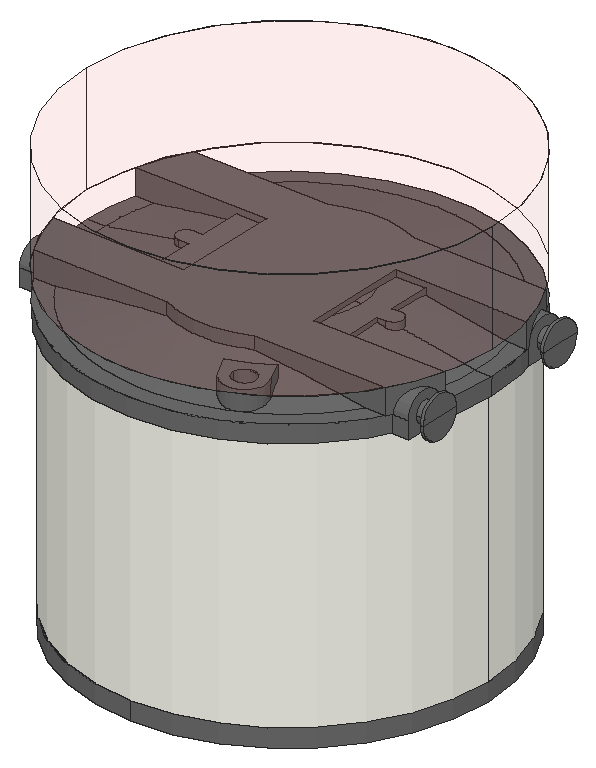
Revit family (continued)
Definition of nested family "Cooling_Plant_Accessories-Calmac-IceBank-Lid_C"
  Dimensions and locks (in)
    aligned and locked: curve 126 to cut or joined group of Revolve 1, Extrusion 2, Extrusion 4, Extrusion 5
    aligned and locked: curve 127 to cut or joined group of Revolve 1, Extrusion 2, Extrusion 4, Extrusion 5
    aligned and locked: curve 128 to cut or joined group of Revolve 1, Extrusion 2, Extrusion 4, Extrusion 5
    aligned and locked: curve 129 to cut or joined group of Revolve 1, Extrusion 2, Extrusion 4, Extrusion 5
    aligned and locked: curve 130 to cut or joined group of Revolve 1, Extrusion 2, Extrusion 4, Extrusion 5
    aligned and locked: curve 131 to cut or joined group of Revolve 1, Extrusion 2, Extrusion 4, Extrusion 5
    aligned and locked: curve 132 to cut or joined group of Revolve 1, Extrusion 2, Extrusion 4, Extrusion 5
    aligned and locked: curve 133 to cut or joined group of Revolve 1, Extrusion 2, Extrusion 4, Extrusion 5
    aligned and locked: curve 134 to cut or joined group of Revolve 1, Extrusion 2, Extrusion 4, Extrusion 5
    aligned and locked: curve 135 to cut or joined group of Revolve 1, Extrusion 2, Extrusion 4, Extrusion 5
    aligned and locked: curve 136 to cut or joined group of Revolve 1, Extrusion 2, Extrusion 4, Extrusion 5
    aligned and locked: curve 137 to cut or joined group of Revolve 1, Extrusion 2, Extrusion 4, Extrusion 5
    aligned and locked: curve 138 to cut or joined group of Revolve 1, Extrusion 2, Extrusion 4, Extrusion 5
    aligned and locked: curve 139 to cut or joined group of Revolve 1, Extrusion 2, Extrusion 4, Extrusion 5
    aligned and locked: curve 140 to cut or joined group of Revolve 1, Extrusion 2, Extrusion 4, Extrusion 5
    aligned and locked: curve 141 to cut or joined group of Revolve 1, Extrusion 2, Extrusion 4, Extrusion 5
    aligned and locked: curve 142 to cut or joined group of Revolve 1, Extrusion 2, Extrusion 4, Extrusion 5
    aligned and locked: curve 143 to cut or joined group of Revolve 1, Extrusion 2, Extrusion 4, Extrusion 5
    aligned and locked: curve 144 to cut or joined group of Revolve 1, Extrusion 2, Extrusion 4, Extrusion 5
    aligned and locked: curve 145 to cut or joined group of Revolve 1, Extrusion 2, Extrusion 4, Extrusion 5
    aligned and locked: curve 146 to cut or joined group of Revolve 1, Extrusion 2, Extrusion 4, Extrusion 5
    aligned and locked: curve 147 to cut or joined group of Revolve 1, Extrusion 2, Extrusion 4, Extrusion 5
    aligned and locked: curve 148 to cut or joined group of Revolve 1, Extrusion 2, Extrusion 4, Extrusion 5
    aligned and locked: cut or joined group of Revolve 1, Extrusion 2, Extrusion 4, Extrusion 5 to curve 149
    aligned and locked: curve 150 to cut or joined group of Revolve 1, Extrusion 2, Extrusion 4, Extrusion 5
    aligned and locked: curve 151 to cut or joined group of Revolve 1, Extrusion 2, Extrusion 4, Extrusion 5
    aligned and locked: cut or joined group of Revolve 1, Extrusion 2, Extrusion 4, Extrusion 5 to curve 152
    aligned and locked: curve 153 to cut or joined group of Revolve 1, Extrusion 2, Extrusion 4, Extrusion 5
    aligned and locked: curve 154 to cut or joined group of Revolve 1, Extrusion 2, Extrusion 4, Extrusion 5
    aligned and locked: curve 155 to cut or joined group of Revolve 1, Extrusion 2, Extrusion 4, Extrusion 5
    aligned and locked: curve 156 to cut or joined group of Revolve 1, Extrusion 2, Extrusion 4, Extrusion 5
    aligned and locked: curve 157 to cut or joined group of Revolve 1, Extrusion 2, Extrusion 4, Extrusion 5
    aligned and locked: curve 158 to cut or joined group of Revolve 1, Extrusion 2, Extrusion 4, Extrusion 5
    aligned and locked: curve 159 to cut or joined group of Revolve 1, Extrusion 2, Extrusion 4, Extrusion 5
    aligned and locked: curve 160 to cut or joined group of Revolve 1, Extrusion 2, Extrusion 4, Extrusion 5
    aligned and locked: curve 161 to cut or joined group of Revolve 1, Extrusion 2, Extrusion 4, Extrusion 5
    aligned and locked: curve 162 to cut or joined group of Revolve 1, Extrusion 2, Extrusion 4, Extrusion 5
    aligned and locked: curve 163 to cut or joined group of Revolve 1, Extrusion 2, Extrusion 4, Extrusion 5
    aligned and locked: curve 164 to cut or joined group of Revolve 1, Extrusion 2, Extrusion 4, Extrusion 5
    aligned and locked: curve 127 to curve 165
    aligned and locked: plane 19 "Rigging Front" to curve 166
    aligned and locked: plane 9 "Rigging Back" to curve 166
    aligned and locked: curve 121 to curve 167
    aligned and locked: plane 19 "Rigging Front" to curve 168
    aligned and locked: plane 9 "Rigging Back" to curve 168
    aligned and locked: plane 8 "Piping Back" to curve 167  (x2)
    aligned and locked: Masking region 3 sketch curve to plane 5 "Back Connector Back"
    aligned and locked: Masking region 3 sketch curve to plane 44 "Connection Sleeve Left"
    aligned and locked: plane 45 "Connection Sleeve Right" to Masking region 3 sketch curve
    aligned and locked: plane 15 "Front Connection Front" to Masking region 3 sketch curve
    aligned and locked: curve 169 to cut or joined group of Revolve 1, Extrusion 2, Extrusion 4, Extrusion 5
    aligned and locked: curve 170 to cut or joined group of Revolve 1, Extrusion 2, Extrusion 4, Extrusion 5
    aligned and locked: curve 171 to curve 169
    aligned and locked: curve 172 to curve 170
    aligned and locked: curve 173 to cut or joined group of Revolve 1, Extrusion 2, Extrusion 4, Extrusion 5
    aligned and locked: curve 174 to cut or joined group of Revolve 1, Extrusion 2, Extrusion 4, Extrusion 5
    aligned and locked: curve 175 to cut or joined group of Revolve 1, Extrusion 2, Extrusion 4, Extrusion 5
    aligned and locked: curve 176 to cut or joined group of Revolve 1, Extrusion 2, Extrusion 4, Extrusion 5
    aligned and locked: curve 177 to cut or joined group of Revolve 1, Extrusion 2, Extrusion 4, Extrusion 5
    aligned and locked: curve 178 to cut or joined group of Revolve 1, Extrusion 2, Extrusion 4, Extrusion 5
    aligned and locked: curve 179 to cut or joined group of Revolve 1, Extrusion 2, Extrusion 4, Extrusion 5
    aligned and locked: curve 180 to cut or joined group of Revolve 1, Extrusion 2, Extrusion 4, Extrusion 5
    aligned and locked: cut or joined group of Revolve 1, Extrusion 2, Extrusion 4, Extrusion 5 to curve 181
    aligned and locked: curve 182 to cut or joined group of Revolve 1, Extrusion 2, Extrusion 4, Extrusion 5
    aligned and locked: curve 183 to cut or joined group of Revolve 1, Extrusion 2, Extrusion 4, Extrusion 5
    aligned and locked: curve 184 to cut or joined group of Revolve 1, Extrusion 2, Extrusion 4, Extrusion 5
    aligned and locked: curve 185 to cut or joined group of Revolve 1, Extrusion 2, Extrusion 4, Extrusion 5
    aligned and locked: curve 186 to cut or joined group of Revolve 1, Extrusion 2, Extrusion 4, Extrusion 5
    aligned and locked: curve 187 to cut or joined group of Revolve 1, Extrusion 2, Extrusion 4, Extrusion 5
    aligned and locked: curve 188 to cut or joined group of Revolve 1, Extrusion 2, Extrusion 4, Extrusion 5
    aligned and locked: curve 189 to cut or joined group of Revolve 1, Extrusion 2, Extrusion 4, Extrusion 5
    aligned and locked: curve 190 to cut or joined group of Revolve 1, Extrusion 2, Extrusion 4, Extrusion 5
    aligned and locked: cut or joined group of Revolve 1, Extrusion 2, Extrusion 4, Extrusion 5 to curve 191
    aligned and locked: cut or joined group of Revolve 1, Extrusion 2, Extrusion 4, Extrusion 5 to curve 192
    aligned and locked: cut or joined group of Revolve 1, Extrusion 2, Extrusion 4, Extrusion 5 to curve 193
    aligned and locked: cut or joined group of Revolve 1, Extrusion 2, Extrusion 4, Extrusion 5 to curve 194
    aligned and locked: curve 195 to cut or joined group of Revolve 1, Extrusion 2, Extrusion 4, Extrusion 5
    aligned and locked: cut or joined group of Revolve 1, Extrusion 2, Extrusion 4, Extrusion 5 to curve 196
    aligned and locked: curve 197 to cut or joined group of Revolve 1, Extrusion 2, Extrusion 4, Extrusion 5
    aligned and locked: cut or joined group of Revolve 1, Extrusion 2, Extrusion 4, Extrusion 5 to curve 198
    aligned and locked: plane 6 "Back Connector Center" to nested 4
    aligned and locked: nested 4 to plane 44 "Connection Sleeve Left"
    aligned and locked: nested 1 to plane 6 "Back Connector Center"
    aligned and locked: nested 1 to plane 45 "Connection Sleeve Right"
    aligned and locked: plane 16 "Fron Connector Center" to nested 2
    aligned and locked: nested 2 to plane 45 "Connection Sleeve Right"
    aligned and locked: nested 3 to plane 16 "Fron Connector Center"
    aligned and locked: nested 3 to plane 44 "Connection Sleeve Left"
    aligned and locked: plane 2 "Bottom" to curve 201
    aligned and locked: plane 1 "Center (Front/Back)" to curve 201
    aligned and locked: plane 3 "Center (Left/Right)" to nested 5
    aligned and locked: plane 1 "Center (Front/Back)" to nested 5
    aligned: plane 54 "Top of Clearance Box" to nested 5
    aligned: plane 55 "Top" to nested 5  (x4)
    aligned and locked: Masking region 1 to plane 55 "Top"
    aligned and locked: plane 57 "Center (Elevation)" to Extrusion 3 sketch curve  (x4)
    aligned and locked: plane 7 "Back Connector Front" to Extrusion 3 sketch curve
    aligned and locked: plane 55 "Top" to cut or joined group of Revolve 1, Extrusion 2, Extrusion 4, Extrusion 5
    aligned and locked: plane 57 "Center (Elevation)" to curve 172
    aligned and locked: cut or joined group of Revolve 1, Extrusion 2, Extrusion 4, Extrusion 5 to plane 57 "Center (Elevation)"
    aligned: plane 57 "Center (Elevation)" to nested 1  (x2)
    aligned: plane 57 "Center (Elevation)" to nested 2  (x2)
    aligned and locked: plane 57 "Center (Elevation)" to cut or joined group of Revolve 1, Extrusion 2, Extrusion 4, Extrusion 5  (x5)
    aligned and locked: curve 171 to plane 57 "Center (Elevation)"
    aligned: plane 57 "Center (Elevation)" to nested 3
    aligned and locked: curve 120 to plane 56 "Connector Channel Top"
    aligned and locked: curve 114 to plane 56 "Connector Channel Top"
    aligned: Masking region 2 to plane 55 "Top"
    aligned: plane 56 "Connector Channel Top" to Masking region 2
    aligned and locked: plane 21 "Top Front Edge" to Masking region 2
    aligned and locked: plane 58 "Front Inset 2" to Masking region 2
    aligned and locked: plane 57 "Center (Elevation)" to curve 78
    aligned and locked: curve 173 to plane 57 "Center (Elevation)"
    aligned and locked: curve 77 to plane 8 "Piping Back"
    aligned and locked: plane 9 "Rigging Back" to curve 86
    aligned and locked: plane 19 "Rigging Front" to curve 80
    aligned and locked: curve 95 to plane 18 "Piping Front"
    aligned and locked: curve 84 to plane 10 "Rigging Loop Back"
    aligned and locked: curve 82 to plane 20 "Rigging Loop Front"
    aligned and locked: cut or joined group of Revolve 1, Extrusion 2, Extrusion 4, Extrusion 5 to plane 56 "Connector Channel Top"
    aligned and locked: nested 5 to plane 54 "Top of Clearance Box"
    aligned and locked: plane 57 "Center (Elevation)" to nested 1
    aligned and locked: plane 57 "Center (Elevation)" to nested 2
    aligned and locked: plane 57 "Center (Elevation)" to nested 3
    aligned and locked: plane 55 "Top" to nested 5  (x6)
    aligned and locked: plane 54 "Top of Clearance Box" to nested 5  (x4)
    aligned and locked: Masking region 2 sketch curve to plane 55 "Top"
    aligned and locked: plane 56 "Connector Channel Top" to Masking region 2 sketch curve
    aligned and locked: curve 202 to curve 187
    aligned and locked: curve 203 to curve 186
    aligned and locked: curve 204 to curve 185
    aligned and locked: curve 205 to curve 184
    aligned and locked: curve 206 to curve 183
    aligned and locked: curve 207 to curve 182
    aligned and locked: curve 208 to curve 181
    aligned and locked: curve 209 to curve 180
    aligned and locked: curve 210 to curve 179
    aligned and locked: curve 211 to curve 190
    aligned and locked: curve 212 to curve 189
    aligned and locked: curve 213 to curve 188
    aligned and locked: curve 214 to curve 172
    aligned and locked: curve 215 to curve 171
  Automatic sketch dimensions
    Extrusion 4 sketch curve to Extrusion 4 sketch curve = 0"
    Extrusion 5 sketch curve to plane 9 "Rigging Back" = 0"
    Extrusion 2 sketch curve to Extrusion 2 sketch curve = 0"  (x5)
    Extrusion 2 sketch curve to plane 35 "Top Left" = 0"
    Extrusion 2 sketch curve to plane 3 "Center (Left/Right)" = 0"
    Extrusion 2 sketch curve to plane 9 "Rigging Back" = 0"
    plane 30 "Left Lip Inset" to Extrusion 2 sketch curve = 1.96722"  (x2)
    plane 38 "Lid Inset Right" to Extrusion 2 sketch curve = 1.96722"  (x2)
    Extrusion 2 sketch curve to plane 20 "Rigging Loop Front" = 0.60261"
    Extrusion 2 sketch curve to plane 10 "Rigging Loop Back" = 0.60261"
    Masking region 2 sketch curve to plane 27 "Pad Eye Front Center" = 0.69072"
    Masking region 3 sketch curve to Masking region 3 sketch curve = 0"  (x7)
    Masking region 3 sketch curve to plane 5 "Back Connector Back" = 0"
    plane 15 "Front Connection Front" to Masking region 3 sketch curve = 0"
    Masking region 3 sketch curve to plane 43 "Top Right" = 29.61091"
    Masking region 3 sketch curve to plane 45 "Connection Sleeve Right" = 0"
    plane 38 "Lid Inset Right" to Masking region 3 sketch curve = 1.34348"
    Revolve 1 sketch curve to Revolve 1 sketch curve = 3 3/4"
    Revolve 1 sketch curve to Revolve 1 sketch curve = 9"
    Revolve 1 sketch curve to Revolve 1 sketch curve = 0"
    Masking region 1 sketch curve to Masking region 1 sketch curve = 9 1/4"
    Masking region 2 sketch curve to plane 22 "Front Inset" = 0"
    Masking region 2 sketch curve to Masking region 2 sketch curve = 3 3/4"
    Masking region 2 sketch curve to Masking region 2 sketch curve = 0.64281"
    level to Masking region 2 sketch curve = 6.26888"
    level to Masking region 2 sketch curve = 6.54801"
    Masking region 2 sketch curve to Masking region 2 sketch curve = 0.27913"
    Masking region 2 sketch curve to Masking region 2 sketch curve = 3.60719"
    curve 97 to level = 0"
    curve 97 to plane 44 "Connection Sleeve Left" = 0"
    curve 119 to plane 57 "Center (Elevation)" = 0"
    curve 119 to level = 0"
    curve 100 to plane 50 "Top Left Inset" = 0"
    curve 99 to plane 3 "Center (Left/Right)" = 0"
    curve 101 to plane 56 "Connector Channel Top" = 0"
    plane 43 "Top Right" to curve 103 = 0"
    plane 51 "Top Right Inset" to curve 110 = 0"
    curve 116 to plane 57 "Center (Elevation)" = 0"
    plane 45 "Connection Sleeve Right" to curve 114 = 0"
    curve 111 to level = 0"
    curve 100 to plane 55 "Top" = 0"
    curve 110 to plane 55 "Top" = 0"
    plane 44 "Connection Sleeve Left" to curve 117 = 0.88726"
    curve 117 to plane 30 "Left Lip Inset" = 0.835"
    curve 117 to plane 50 "Top Left Inset" = 0.71316"
    curve 119 to curve 98 = 0.55915"
    plane 50 "Top Left Inset" to curve 115 = 4.45635"
    curve 99 to plane 32 "Left Rigging Loop Inset" = 1.17979"
    plane 35 "Top Left" to curve 99 = 0"
    plane 43 "Top Right" to curve 99 = 0.20898"
    plane 57 "Center (Elevation)" to curve 106 = 0.73854"
    curve 106 to plane 43 "Top Right" = 2.02375"
    plane 46 "Right Center" to curve 106 = 0.99812"
    plane 46 "Right Center" to curve 106 = 0.88046"
    curve 108 to plane 46 "Right Center" = 0.34333"
    plane 41 "Right Rigging Loop Left" to curve 107 = 0.48196"
    curve 107 to curve 107 = 0.0769"
    plane 41 "Right Rigging Loop Left" to curve 102 = 0.25712"
    curve 109 to curve 98 = 5.53004"
    curve 116 to plane 51 "Top Right Inset" = 0.55915"
    curve 112 to plane 51 "Top Right Inset" = 0.71316"
    curve 114 to plane 38 "Lid Inset Right" = 0.835"
    plane 45 "Connection Sleeve Right" to curve 112 = 0.88726"
    plane 57 "Center (Elevation)" to curve 107 = 0.21408"
    plane 57 "Center (Elevation)" to curve 101 = 1.59188"
    plane 57 "Center (Elevation)" to curve 112 = 1.76036"
    plane 57 "Center (Elevation)" to curve 118 = 1.76036"
    curve 104 to curve 109 = 1.3737"
    curve 101 to curve 99 = 1.22618"
    level to curve 115 = 6.56901"
    curve 198 to plane 18 "Piping Front" = 0"
    curve 198 to plane 57 "Center (Elevation)" = 0"
    curve 198 to plane 55 "Top" = 0"
    curve 197 to plane 57 "Center (Elevation)" = 0.14855"
    curve 197 to plane 8 "Piping Back" = 0"
    curve 197 to plane 55 "Top" = 0"
    curve 196 to plane 18 "Piping Front" = 0"
    curve 195 to plane 8 "Piping Back" = 0"
    curve 195 to plane 57 "Center (Elevation)" = 0"
    curve 195 to plane 55 "Top" = 0"
    curve 196 to plane 57 "Center (Elevation)" = 0"
    curve 196 to plane 55 "Top" = 0.21345"
    curve 122 to curve 126 = 0"  (x2)
    curve 122 to curve 130 = 0"  (x2)
    curve 122 to curve 134 = 0"  (x2)
    curve 122 to curve 140 = 0"  (x2)
    curve 122 to curve 141 = 0"
    curve 122 to curve 155 = 0"
    curve 122 to curve 156 = 0"  (x2)
    curve 122 to curve 166 = 0"  (x2)
    curve 122 to curve 168 = 0"  (x2)
    curve 122 to curve 171 = 0"  (x2)
    curve 122 to curve 173 = 0"  (x2)
    curve 122 to curve 174 = 0"  (x2)
    curve 122 to curve 175 = 0"  (x2)
    curve 122 to curve 176 = 0"
    curve 122 to curve 177 = 0"  (x2)
    curve 122 to curve 178 = 0"
    curve 128 to curve 186 = 0"  (x2)
    curve 136 to curve 180 = 0"
    curve 161 to curve 163 = 0"
    curve 161 to curve 164 = 0"
    curve 133 to plane 52 "Right Side Chanel" = 0"
    curve 131 to plane 52 "Right Side Chanel" = 0"
    curve 178 to plane 38 "Lid Inset Right" = 0"
    plane 20 "Rigging Loop Front" to curve 145 = 0"
    plane 1 "Center (Front/Back)" to curve 146 = 0"
    curve 143 to plane 41 "Right Rigging Loop Left" = 0"
    curve 147 to plane 41 "Right Rigging Loop Left" = 0"
    curve 189 to plane 42 "Right Rigging Left" = 0"
    curve 128 to plane 43 "Top Right" = 0"
    curve 135 to plane 43 "Top Right" = 0"
    plane 18 "Piping Front" to curve 186 = 0"
    curve 186 to plane 43 "Top Right" = 0"
    curve 165 to plane 3 "Center (Left/Right)" = 0"
    curve 186 to plane 3 "Center (Left/Right)" = 0"
    curve 180 to plane 3 "Center (Left/Right)" = 0"
    curve 167 to plane 3 "Center (Left/Right)" = 0"
    plane 18 "Piping Front" to curve 127 = 0"
    curve 123 to plane 34 "Left Rigging Right" = 0"
    curve 153 to plane 33 "Left Rigging Loop Right" = 0"
    curve 158 to plane 33 "Left Rigging Loop Right" = 0"
    curve 150 to plane 10 "Rigging Loop Back" = 0"
    plane 1 "Center (Front/Back)" to curve 150 = 0"
    curve 122 to plane 50 "Top Left Inset" = 0"
    curve 126 to plane 50 "Top Left Inset" = 0"
    curve 176 to plane 30 "Left Lip Inset" = 0"
    curve 168 to curve 178 = 0"
    curve 130 to curve 174 = 4.45635"
    curve 165 to curve 174 = 0"
    plane 51 "Top Right Inset" to curve 173 = 4.45635"
    curve 167 to curve 173 = 0"
    curve 145 to plane 40 "Right Rigging Loop Inset" = 1.25367"
    curve 161 to plane 24 "Pad Eye Back Left Offset" = 0.24397"
    plane 41 "Right Rigging Loop Left" to curve 161 = 0.73123"
    curve 163 to plane 46 "Right Center" = 0.40154"
    plane 46 "Right Center" to curve 162 = 0.11395"
    curve 161 to plane 42 "Right Rigging Left" = 1.55753"
    curve 141 to plane 42 "Right Rigging Left" = 1.24396"
    plane 25 "Pad Eye Hole" to curve 161 = 0.41045"
    plane 42 "Right Rigging Left" to curve 161 = 2.62837"
    plane 26 "Pad Eye Back Left" to curve 160 = 0.04987"
    plane 43 "Top Right" to curve 160 = 0.20898"
    plane 43 "Top Right" to curve 179 = 0.88239"
    plane 1 "Center (Front/Back)" to curve 159 = 0.00093"
    plane 3 "Center (Left/Right)" to curve 159 = 0.00344"
    curve 156 to plane 34 "Left Rigging Right" = 1.24396"
    curve 150 to plane 32 "Left Rigging Loop Inset" = 1.24992"
    curve 166 to curve 175 = 0"
    curve 180 to plane 10 "Rigging Loop Back" = 0.60261"
    curve 167 to plane 1 "Center (Front/Back)" = 0.00493"
    curve 159 to curve 165 = 0.03088"
    curve 128 to plane 20 "Rigging Loop Front" = 0.60261"
    curve 194 to plane 19 "Rigging Front" = 0"
    curve 193 to plane 9 "Rigging Back" = 0"
    curve 194 to plane 57 "Center (Elevation)" = 0"
    curve 193 to plane 57 "Center (Elevation)" = 0"
    curve 194 to plane 55 "Top" = 0"
    curve 193 to plane 55 "Top" = 0"
    curve 192 to plane 57 "Center (Elevation)" = 0"
    curve 192 to plane 55 "Top" = 0"
    curve 191 to plane 9 "Rigging Back" = 0"
    curve 191 to plane 57 "Center (Elevation)" = 0"
    curve 191 to plane 55 "Top" = 0"
    curve 192 to plane 19 "Rigging Front" = 0"
    curve 92 to plane 21 "Top Front Edge" = 0"
    curve 76 to plane 11 "Top Back Edge" = 0"
    curve 78 to plane 12 "Back Inset" = 0"
    level to curve 74 = 0"
    level to curve 89 = 0"
    level to curve 90 = 0"
    level to curve 75 = 0"
    plane 56 "Connector Channel Top" to curve 81 = 0"
    plane 56 "Connector Channel Top" to curve 85 = 0"
    curve 80 to plane 55 "Top" = 0"
    curve 77 to plane 55 "Top" = 0"
    curve 201 to plane 55 "Top" = 0"
    curve 86 to plane 55 "Top" = 0"
    curve 95 to plane 55 "Top" = 0"
    plane 23 "Pad Eye Back Right" to curve 91 = 0.21387"
    curve 91 to plane 58 "Front Inset 2" = 0.00052"
    plane 22 "Front Inset" to curve 96 = 0.00227"
    plane 18 "Piping Front" to curve 92 = 0.02422"
    curve 93 to plane 20 "Rigging Loop Front" = 0.00136"
    plane 1 "Center (Front/Back)" to curve 94 = 0.0138"
    plane 1 "Center (Front/Back)" to curve 94 = 0.00177"
    curve 93 to plane 1 "Center (Front/Back)" = 0.01386"
    curve 94 to plane 10 "Rigging Loop Back" = 0.00136"
    curve 76 to plane 8 "Piping Back" = 0.00969"
    plane 56 "Connector Channel Top" to curve 93 = 1.56605"
    plane 56 "Connector Channel Top" to curve 76 = 1.45199"
    plane 56 "Connector Channel Top" to curve 92 = 1.45199"
    curve 94 to curve 93 = 0.32132"
    curve 94 to curve 83 = 0.34177"
    curve 94 to curve 84 = 0.00054"
    curve 94 to curve 94 = 0.00054"
    curve 82 to curve 93 = 0.00002"
    curve 93 to curve 93 = 0.00002"
    curve 16 to curve 167 = 1.61517"
    curve 18 to curve 18 = 0.6236"
    curve 17 to plane 11 "Top Back Edge" = 1.60052"
    curve 18 to curve 17 = 0.6236"
    curve 18 to curve 16 = 1.56427"
    curve 16 to curve 17 = 1.24719"
    curve 18 to curve 17 = 0.78196"
    curve 17 to curve 17 = 1.24746"
    curve 16 to curve 17 = 1.56393"
    curve 15 to plane 31 "Left Rigging Loop Left" = 0.92879"
    curve 15 to curve 15 = 0.78196"
    curve 15 to curve 13 = 1.24746"
    curve 15 to curve 14 = 0.78196"
    curve 13 to curve 14 = 1.56393"
    curve 14 to curve 16 = 5.29454"
    curve 15 to curve 14 = 0.6236"
    curve 14 to curve 14 = 1.56427"
    curve 13 to curve 14 = 1.24719"
    plane 1 "Center (Front/Back)" to curve 60 = 0"
    curve 1 to plane 47 "Bolt Inset Right" = 0"
    curve 41 to plane 14 "Front" = 0"
    curve 41 to plane 47 "Bolt Inset Right" = 0"
    curve 42 to plane 3 "Center (Left/Right)" = 0"
    curve 2 to plane 48 "Bolt Inset Left" = 0"
    plane 1 "Center (Front/Back)" to curve 24 = 0"
    plane 4 "Back" to curve 2 = 0"
    plane 4 "Back" to curve 1 = 0"
    plane 49 "Bolt Inset Center" to curve 3 = 0"
    curve 40 to plane 14 "Front" = 0"
    curve 58 to plane 37 "Right" = 0.00227"
    curve 59 to plane 37 "Right" = 0.00227"
    curve 61 to plane 52 "Right Side Chanel" = 0.5656"
    curve 56 to plane 52 "Right Side Chanel" = 0.5656"
    curve 55 to plane 52 "Right Side Chanel" = 0.12048"
    curve 62 to plane 52 "Right Side Chanel" = 0.12048"
    plane 45 "Connection Sleeve Right" to curve 60 = 0.26851"
    curve 56 to plane 38 "Lid Inset Right" = 0.97814"
    curve 63 to plane 38 "Lid Inset Right" = 0.97814"
    curve 63 to plane 38 "Lid Inset Right" = 0.75558"
    curve 57 to plane 38 "Lid Inset Right" = 0.75558"
    curve 62 to plane 38 "Lid Inset Right" = 0.53302"
    curve 55 to plane 38 "Lid Inset Right" = 0.53302"
    curve 53 to plane 23 "Pad Eye Back Right" = 1.03206"
    plane 51 "Top Right Inset" to curve 53 = 3.26006"
    plane 51 "Top Right Inset" to curve 64 = 3.26006"
    plane 26 "Pad Eye Back Left" to curve 52 = 1.31658"
    curve 53 to curve 52 = 1.24719"
    curve 64 to curve 65 = 1.24719"
    curve 64 to curve 66 = 1.56427"
    curve 64 to plane 11 "Top Back Edge" = 1.60052"
    plane 23 "Pad Eye Back Right" to curve 53 = 0.21541"
    curve 53 to curve 53 = 1.56427"
    curve 53 to curve 54 = 0.6236"
    curve 66 to curve 66 = 0.6236"  (x2)
    curve 54 to curve 52 = 0.6236"
    curve 67 to plane 39 "Right Rigging Loop Right" = 3.74019"
    plane 25 "Pad Eye Hole" to curve 50 = 0.6295"
    curve 50 to plane 39 "Right Rigging Loop Right" = 3.74019"
    curve 67 to curve 67 = 1.24746"
    curve 50 to curve 50 = 1.24746"
    curve 49 to plane 25 "Pad Eye Hole" = 0.61769"
    curve 50 to curve 49 = 1.56393"
    curve 67 to curve 68 = 1.56393"
    curve 69 to curve 69 = 0.78196"
    curve 50 to curve 51 = 0.78196"
    curve 49 to plane 39 "Right Rigging Loop Right" = 0.92879"
    curve 69 to plane 39 "Right Rigging Loop Right" = 0.92879"
    plane 41 "Right Rigging Loop Left" to curve 47 = 0.54143"
    plane 41 "Right Rigging Loop Left" to curve 70 = 0.54143"
    plane 41 "Right Rigging Loop Left" to curve 48 = 1.40954"
    plane 41 "Right Rigging Loop Left" to curve 72 = 1.40954"
    curve 72 to plane 46 "Right Center" = 0.53926"
    curve 48 to plane 46 "Right Center" = 0.53926"
    plane 22 "Front Inset" to curve 46 = 0.13961"
    curve 46 to plane 46 "Right Center" = 0.50624"
    plane 12 "Back Inset" to curve 71 = 0.13961"
    curve 71 to plane 46 "Right Center" = 0.50624"
    plane 46 "Right Center" to curve 48 = 0.36187"
    plane 46 "Right Center" to curve 72 = 0.36187"
    curve 4 to plane 43 "Top Right" = 1.29276"
    curve 44 to plane 43 "Top Right" = 1.29276"
    curve 45 to plane 43 "Top Right" = 0.84755"
    plane 13 "Back Bolt Front" to curve 6 = 0.28224"
    curve 6 to plane 43 "Top Right" = 0.84755"
    plane 43 "Top Right" to curve 45 = 0.12755"
    plane 13 "Back Bolt Front" to curve 6 = 0.05968"
    plane 43 "Top Right" to curve 6 = 0.12755"
    plane 43 "Top Right" to curve 43 = 0.65743"
    plane 43 "Top Right" to curve 5 = 0.65743"
    curve 45 to curve 43 = 0.97509"
    curve 5 to plane 13 "Back Bolt Front" = 0.16288"
    curve 9 to plane 13 "Back Bolt Front" = 0.16288"
    plane 35 "Top Left" to curve 9 = 1.10264"
    plane 35 "Top Left" to curve 38 = 1.10264"
    plane 35 "Top Left" to curve 38 = 0.65743"
    plane 35 "Top Left" to curve 7 = 0.65743"
    plane 35 "Top Left" to curve 39 = 0.12755"
    plane 13 "Back Bolt Front" to curve 9 = 0.05968"
    plane 35 "Top Left" to curve 9 = 0.12755"
    curve 39 to plane 22 "Front Inset" = 0.53076"
    curve 39 to plane 35 "Top Left" = 0.84755"
    plane 13 "Back Bolt Front" to curve 8 = 0.28224"
    curve 8 to plane 35 "Top Left" = 1.29276"
    curve 37 to plane 35 "Top Left" = 1.29276"
    plane 33 "Left Rigging Loop Right" to curve 36 = 3.21178"
    plane 33 "Left Rigging Loop Right" to curve 12 = 3.21178"
    plane 12 "Back Inset" to curve 10 = 0.13961"
    curve 10 to curve 10 = 0.8681"
    plane 22 "Front Inset" to curve 35 = 0.13961"
    curve 36 to curve 35 = 0.8681"
    curve 12 to curve 12 = 0.90112"
    curve 35 to curve 36 = 0.90112"
    curve 12 to curve 11 = 0.90112"
    curve 36 to plane 58 "Front Inset 2" = 0.83541"
    curve 36 to curve 36 = 0.90112"
    plane 33 "Left Rigging Loop Right" to curve 11 = 0.54143"
    plane 33 "Left Rigging Loop Right" to curve 34 = 0.54143"
    curve 32 to plane 31 "Left Rigging Loop Left" = 0.92879"
    curve 32 to curve 33 = 0.78196"
    curve 32 to plane 25 "Pad Eye Hole" = 0.61769"
    curve 33 to curve 32 = 1.24746"
    curve 33 to curve 33 = 0.78196"
    plane 25 "Pad Eye Hole" to curve 31 = 0.6295"
    curve 32 to curve 31 = 1.56393"
    curve 30 to curve 165 = 1.61517"
    curve 29 to plane 23 "Pad Eye Back Right" = 1.34852"
    curve 29 to curve 30 = 0.6236"
    plane 23 "Pad Eye Back Right" to curve 28 = 0.21541"
    curve 30 to curve 28 = 0.6236"
    plane 26 "Pad Eye Back Left" to curve 29 = 1.31658"
    curve 30 to curve 29 = 1.56427"
    curve 28 to plane 23 "Pad Eye Back Right" = 1.03206"
    curve 29 to curve 28 = 1.24719"
    curve 19 to plane 30 "Left Lip Inset" = 0.53302"
    curve 27 to plane 30 "Left Lip Inset" = 0.53302"
    curve 21 to plane 30 "Left Lip Inset" = 0.75558"
    curve 27 to plane 30 "Left Lip Inset" = 0.75558"
    curve 20 to plane 30 "Left Lip Inset" = 0.97814"
    curve 27 to plane 30 "Left Lip Inset" = 0.97814"
    plane 44 "Connection Sleeve Left" to curve 23 = 0.26851"
    curve 26 to plane 53 "Left Side Channel" = 0.12048"
    curve 19 to plane 53 "Left Side Channel" = 0.12048"
    curve 20 to plane 53 "Left Side Channel" = 0.5656"
    curve 25 to plane 53 "Left Side Channel" = 0.5656"
    curve 22 to plane 29 "Left" = 0.00227"
    curve 23 to plane 29 "Left" = 0.00227"
    plane 4 "Back" to curve 5 = 0.88851"
    plane 4 "Back" to curve 7 = 0.88851"
    curve 8 to plane 49 "Bolt Inset Center" = 0.66715"
    curve 4 to plane 49 "Bolt Inset Center" = 0.66715"
    plane 12 "Back Inset" to curve 11 = 1.00752"
    plane 12 "Back Inset" to curve 70 = 1.00752"
    plane 12 "Back Inset" to curve 10 = 1.94225"
    plane 12 "Back Inset" to curve 71 = 1.94225"
    curve 12 to curve 12 = 0.43396"
    curve 71 to curve 72 = 0.43396"
    plane 12 "Back Inset" to curve 68 = 5.22954"
    curve 68 to curve 67 = 1.24719"
    curve 68 to curve 68 = 1.56427"
    curve 68 to curve 69 = 0.6236"
    curve 65 to curve 64 = 2.81139"
    curve 65 to curve 64 = 1.56393"
    curve 65 to curve 66 = 0.78196"
    curve 19 to plane 9 "Rigging Back" = 0.41389"
    curve 62 to plane 9 "Rigging Back" = 0.41389"
    curve 21 to plane 9 "Rigging Back" = 0.85911"
    curve 62 to plane 9 "Rigging Back" = 0.85911"
    curve 62 to curve 63 = 0.97509"
    curve 21 to curve 21 = 0.97509"
    curve 62 to curve 61 = 1.95019"
    curve 19 to curve 20 = 1.95019"
    curve 59 to plane 10 "Rigging Loop Back" = 0.99983"
    curve 24 to plane 10 "Rigging Loop Back" = 0.99983"
    curve 25 to plane 19 "Rigging Front" = 2.80929"
    curve 56 to plane 19 "Rigging Front" = 2.80929"
    curve 57 to curve 56 = 0.44521"
    curve 25 to curve 25 = 0.44521"
    curve 56 to curve 57 = 0.97509"
    curve 27 to curve 27 = 0.97509"
    curve 26 to plane 19 "Rigging Front" = 0.41389"
    curve 55 to plane 19 "Rigging Front" = 0.41389"
    curve 54 to plane 23 "Pad Eye Back Right" = 0.56656"
    curve 33 to curve 31 = 1.56427"
    curve 51 to curve 50 = 1.56427"
    curve 50 to curve 51 = 0.6236"
    curve 33 to curve 33 = 0.6236"
    curve 48 to plane 58 "Front Inset 2" = 0.83541"
    curve 36 to curve 36 = 0.43396"
    curve 47 to curve 48 = 0.43396"
    plane 22 "Front Inset" to curve 47 = 1.00752"
    plane 22 "Front Inset" to curve 34 = 1.00752"
    curve 44 to plane 22 "Front Inset" = 0.53076"
    curve 39 to plane 22 "Front Inset" = 0.75332"
    curve 45 to plane 22 "Front Inset" = 0.75332"
    curve 40 to plane 22 "Front Inset" = 1.81422"
    plane 14 "Front" to curve 44 = 1.33363"
    plane 14 "Front" to curve 37 = 1.33363"
    plane 14 "Front" to curve 43 = 0.88851"
    plane 14 "Front" to curve 38 = 0.88851"
    curve 200 to plane 3 "Center (Left/Right)" = 0"
    curve 210 to curve 209 = 0.88239"
    curve 199 to plane 37 "Right" = 0"
    plane 1 "Center (Front/Back)" to curve 199 = 0"
    curve 199 to plane 29 "Left" = 0"
    curve 214 to curve 216 = 0"  (x2)
    curve 214 to curve 217 = 0"  (x2)
    curve 202 to plane 51 "Top Right Inset" = 0"
    plane 14 "Front" to curve 200 = 0.00227"
    curve 207 to plane 53 "Left Side Channel" = 0"
    plane 4 "Back" to curve 200 = 0.00227"
  Nested families (in)
    nested 1: "Cooling_Plant_Accessories-Calmac-IceBank-4-Inch Flanged Connection" at (42.58273, 16.5, 3.75), Pipe Material <- "Pipe Material", visible <- "Is Back Right Flanged Connector Visibility", type "Flanged Connection"
      with Pipe Material Plastic- Calmac- Black
    nested 2: "Cooling_Plant_Accessories-Calmac-IceBank-4-Inch Flanged Connection" at (42.58273, -16.5, 3.75), Pipe Material <- "Pipe Material", visible <- "Is Front Right  Flanged Connector Visibility", type "Flanged Connection"
      with Pipe Material Plastic- Calmac- Black
    nested 3: "Cooling_Plant_Accessories-Calmac-IceBank-4-Inch Flanged Connection" at (-42.58273, -16.5, 3.75) x (-1, 0, 0) z (0, 0, 1), Pipe Material <- "Pipe Material", visible <- "Is Front Left  Flanged Connector Visibility", type "Flanged Connection"
      with Pipe Material Plastic- Calmac- Black
    nested 4: "Cooling_Plant_Accessories-Calmac-IceBank-4-Inch Flanged Connection" at (-42.58273, 16.5, 3.75) x (-1, 0, 0) z (0, 0, 1), Pipe Material <- "Pipe Material", visible <- "Is Back Left  Flanged Connector Visibility", type "Flanged Connection"
      with Pipe Material Plastic- Calmac- Black
    nested 5: "Cooling_Plant_Accessories-Calmac-IceBankClearance Box" at (0, 0, 15.25), CTRL Radius <- "CTRL Radius", visible <- "Is Clearance Box Visible", type "Include Clearance"
      with Width 88 5/8", Height 36", Depth 88 5/8", CTRL Radius 44 5/16"
  Definition of nested family "Cooling_Plant_Accessories-Calmac-IceBank-4-Inch Flanged Connection"
    Parameters (values of type "4"")
      Pipe Material [instance] = none
      No Flange = not(Has Flange)  # no
      Has Flange = yes
    Reference planes (in)
      plane 1 "Center (Front/Back)": y = 0
      plane 2 "Center (Elevation)": z = 0
      plane 3 "Center (Left/Right)": x = 0
      plane 4 "Back": y = 4.5
      plane 5 "Back Face": x = 2.79297
      plane 6 "Base Back": y = 2.25
      plane 7 "Fase Back": y = 3
      plane 8 "Front": y = -4.5
      plane 9 "Base Front": y = -2.25
      plane 10 "Face Front": y = -3
      plane 11 "Face": x = 3.41797
      plane 12 "T.O. Flange": z = 4.5
      plane 13 "T.O. Pipe": z = 2.25
      plane 14 "B.O. Flange": z = -4.5
      plane 15 "B.O. Pipe": z = -2.25
    Forms (in)
      Revolve 1, solid, material <- "Pipe Material", visible <- "Has Flange", detail levels fine
        sketch origin (0, 0, 0) x (1, 0, 0) y (0, 1, 0)
          loop
            line (0, 2.25) -> (0, 0) -> (3.41797, 0) -> (3.41797, 4.5) -> (2.79297, 4.5) -> (2.79297, 2.25) -> (0, 2.25)
          axis (0, 0) -> (3.41797, 0)
        angle from 0 to 360
      Extrusion 2, solid, material <- "Pipe Material", visible <- "No Flange", detail levels fine
        sketch origin (3.41797, 0, 0) x (0, 1, 0) y (0, 0, 1)
          loop
            circle (0, 0) r 2.25
        from -3.41797 to 0
    Lines and regions (in)
      Masking region 1, detail levels fine
        outline origin (0, 0, 0) x (0, 1, 0) y (0, 0, 1)
          loop
            circle (0, 0) r 4.5
      Masking region 2, detail levels fine
        outline origin (0, 0, 0) x (1, 0, 0) y (0, 0, 1)
          loop
            line (3.41797, 4.5) -> (2.79297, 4.5) -> (2.79297, 2.25) -> (0, 2.25) -> (0, -2.25) -> (2.79297, -2.25) -> (2.79297, -4.5) -> (3.41797, -4.5) -> (3.41797, 4.5)
      Masking region 3, visible <- "Has Flange", detail levels fine
        outline origin (0, 0, 0) x (1, 0, 0) y (0, 1, 0)
          loop
            line (0, 2.25) -> (0, -2.25) -> (2.79297, -2.25) -> (2.79297, -4.5) -> (3.41797, -4.5) -> (3.41797, 4.5) -> (2.79297, 4.5) -> (2.79297, 2.25) -> (0, 2.25)
      Masking region 4, visible <- "No Flange", detail levels fine
        outline origin (0, 0, 0) x (1, 0, 0) y (0, 1, 0)
          loop
            line (0, 2.25) -> (0, -2.25) -> (3.41797, -2.25) -> (3.41797, 2.25) -> (0, 2.25)
      model lines, style "Piping", detail levels medium
        curve 1: line (0, 0, 0) -> (3.41797, 0, 0)
        curve 2: arc (3.41797, -4.5, 0) -> (3.41797, 0, 4.5) -> (3.41797, 4.5, 0) r 4.5
        curve 3: arc (3.41797, 4.5, 0) -> (3.41797, 0, -4.5) -> (3.41797, -4.5, 0) r 4.5
      symbolic lines, detail levels coarse+medium
        curve 4: line (0, 0, 0) -> (3.41797, 0, 0)
        curve 5: line (0, 0, 0) -> (3.41797, 0, 0)
    Dimensions and locks (in)
      locked: plane 4 "Back" to plane 7 "Fase Back" at 1.5
      locked: plane 4 "Back" to plane 6 "Base Back" at 2.25
      locked: plane 8 "Front" to plane 10 "Face Front" at 1.5
      locked: plane 8 "Front" to plane 9 "Base Front" at 2.25
      locked: plane 1 "Center (Front/Back)" to plane 6 "Base Back" at 2.25
      locked: plane 9 "Base Front" to plane 1 "Center (Front/Back)" at 2.25
      locked: plane 3 "Center (Left/Right)" to plane 11 "Face" at 3.41797
      locked: plane 5 "Back Face" to plane 11 "Face" at 0.625
      locked: plane 2 "Center (Elevation)" to plane 14 "B.O. Flange" at 4.5
      locked: plane 2 "Center (Elevation)" to plane 15 "B.O. Pipe" at 2.25
      locked: plane 12 "T.O. Flange" to plane 2 "Center (Elevation)" at 4.5
      locked: plane 12 "T.O. Flange" to plane 13 "T.O. Pipe" at 2.25
      aligned and locked: Revolve 1 sketch curve to plane 3 "Center (Left/Right)"
      aligned and locked: Revolve 1 sketch curve to plane 5 "Back Face"
      aligned and locked: Revolve 1 sketch curve to plane 11 "Face"
      aligned and locked: Revolve 1 sketch curve to plane 1 "Center (Front/Back)"
      aligned and locked: Revolve 1 sketch curve to plane 4 "Back"
      aligned and locked: Revolve 1 sketch curve to plane 6 "Base Back"
      aligned and locked: plane 1 "Center (Front/Back)" to Revolve 1 sketch curve  (x2)
      aligned and locked: plane 3 "Center (Left/Right)" to Revolve 1 sketch curve
      aligned and locked: Masking region 1 sketch curve to Revolve 1  (x2)
      aligned and locked: Masking region 2 sketch curve to Revolve 1  (x3)
      aligned and locked: Masking region 2 sketch curve to plane 5 "Back Face"
      aligned and locked: Masking region 2 sketch curve to plane 3 "Center (Left/Right)"
      aligned and locked: Masking region 3 sketch curve to plane 3 "Center (Left/Right)"
      aligned and locked: Masking region 3 sketch curve to plane 4 "Back"
      aligned and locked: Masking region 3 sketch curve to plane 6 "Base Back"
      aligned and locked: plane 9 "Base Front" to Masking region 3 sketch curve
      aligned and locked: plane 8 "Front" to Masking region 3 sketch curve
      aligned and locked: Masking region 3 sketch curve to plane 11 "Face"
      aligned and locked: Masking region 3 sketch curve to plane 5 "Back Face"  (x2)
      aligned and locked: plane 1 "Center (Front/Back)" to curve 1
      aligned and locked: plane 3 "Center (Left/Right)" to curve 1
      aligned and locked: curve 2 to Revolve 1
      aligned and locked: curve 3 to Revolve 1
      aligned and locked: plane 11 "Face" to curve 1
      aligned and locked: plane 11 "Face" to curve 4
      aligned and locked: plane 3 "Center (Left/Right)" to curve 4
      aligned and locked: plane 1 "Center (Front/Back)" to curve 4
      aligned and locked: plane 11 "Face" to curve 5
      aligned and locked: plane 3 "Center (Left/Right)" to curve 5
      aligned and locked: curve 5 to plane 2 "Center (Elevation)"
      aligned and locked: Masking region 2 to plane 12 "T.O. Flange"
      aligned and locked: plane 13 "T.O. Pipe" to Masking region 2
      aligned and locked: plane 2 "Center (Elevation)" to curve 1
      aligned and locked: plane 15 "B.O. Pipe" to Masking region 2
      aligned and locked: Masking region 2 to plane 14 "B.O. Flange"
      aligned and locked: plane 1 "Center (Front/Back)" to Extrusion 2 sketch curve
      aligned and locked: plane 2 "Center (Elevation)" to Extrusion 2 sketch curve
      aligned and locked: Extrusion 2 to plane 3 "Center (Left/Right)"
      aligned and locked: plane 11 "Face" to Extrusion 2
      aligned and locked: Masking region 4 sketch curve to plane 9 "Base Front"
      aligned and locked: Masking region 4 sketch curve to plane 6 "Base Back"
      aligned and locked: plane 3 "Center (Left/Right)" to Masking region 4 sketch curve
      aligned and locked: Masking region 4 sketch curve to plane 11 "Face"
  Definition of nested family "Cooling_Plant_Accessories-Calmac-IceBankClearance Box"
    Parameters (values of type "Include Clearance")
      Width [instance] = CTRL Radius * 2  # 89"
      Height [instance] = 36"
      Depth [instance] = Width  # 89"
      Clearance Material = Clearance
      CTRL Radius [instance] = 44 1/2"
      Assembly Code = ""
    Reference planes (in)
      plane 1 "Center (Front/Back)": y = 0
      plane 2 "Bottom": z = -6
      plane 3 "Center (Left/Right)": x = 0
      plane 4 "Top": z = 30
      plane 5 "Back": y = 44.5
      plane 6 "Left": x = -44.5
      plane 7 "Front": y = -44.5
      plane 8 "Right": x = 44.5
      plane 9 "Center (Elevation)": z = 12
    Forms (in)
      Extrusion 1, solid, material "Clearance" <- "Clearance Material"
        sketch origin (0, 0, 30) x (-1, 0, 0) y (0, -1, 0)
          loop
            circle (0, 0) r 44.5
        from -36 to 0
    Lines and regions (in)
      symbolic lines, style "Clearance"
        curve 1: line (-44.5, 0, 30) -> (44.5, 0, 30)
        curve 2: line (-44.5, 0, -6) -> (-44.5, 0, 30)
        curve 3: line (44.5, 0, -6) -> (-44.5, 0, -6)
        curve 4: line (44.5, 0, 30) -> (44.5, 0, -6)
        curve 5: line (0, -44.5, 30) -> (0, 44.5, 30)
        curve 6: line (0, -44.5, -6) -> (0, -44.5, 30)
        curve 7: line (0, 44.5, -6) -> (0, -44.5, -6)
        curve 8: line (0, 44.5, 30) -> (0, 44.5, -6)
        curve 9: circle (0, 0, 30) r 44.5 normal (0, 0, 1)
    Dimensions and locks (in)
      "Height": plane 4 "Top" to plane 2 "Bottom"
      "Depth": plane 5 "Back" to plane 7 "Front"
      "Width": plane 6 "Left" to plane 8 "Right"
      equal spacing: plane 6 "Left", plane 3 "Center (Left/Right)", plane 8 "Right"
      equal spacing: plane 5 "Back", plane 1 "Center (Front/Back)", plane 7 "Front"
      equal spacing: plane 4 "Top", plane 9 "Center (Elevation)", plane 2 "Bottom"
      "CTRL Radius": radius of Extrusion 1 sketch curve
      "CTRL Radius": radius of curve 9
      aligned: level to plane 2 "Bottom"
      aligned and locked: plane 3 "Center (Left/Right)" to Extrusion 1 sketch curve
      aligned and locked: plane 1 "Center (Front/Back)" to Extrusion 1 sketch curve
      aligned and locked: plane 3 "Center (Left/Right)" to curve 9
      aligned and locked: plane 1 "Center (Front/Back)" to curve 9
      aligned and locked: Extrusion 1 to plane 2 "Bottom"
      aligned and locked: plane 2 "Bottom" to curve 3
      aligned and locked: plane 2 "Bottom" to curve 7
      aligned and locked: plane 4 "Top" to Extrusion 1
      aligned and locked: curve 1 to plane 4 "Top"
      aligned and locked: curve 5 to plane 4 "Top"
      aligned and locked: curve 8 to plane 5 "Back"
      aligned and locked: curve 6 to plane 7 "Front"
      aligned and locked: curve 4 to plane 8 "Right"
      aligned and locked: curve 2 to plane 6 "Left"
